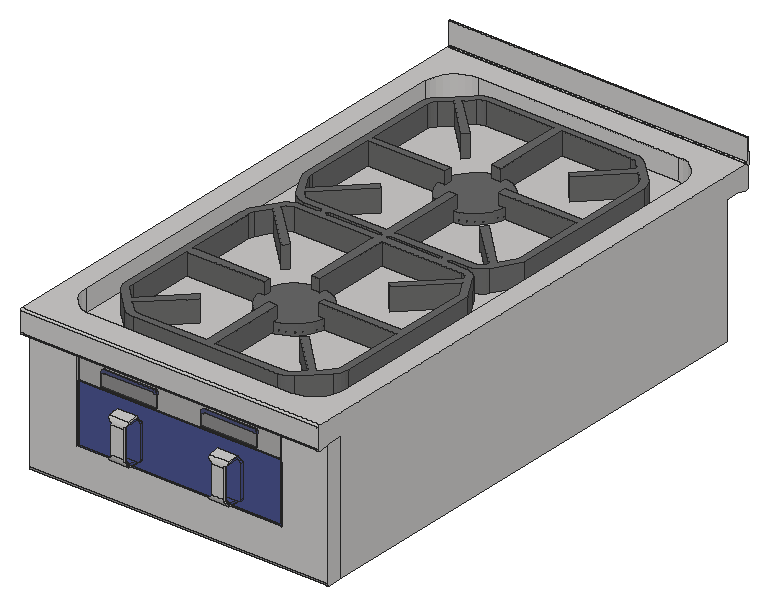
Revit family "QF_ELECTROLUXPROFESSIONAL_593303_MCDBABHOVO", category Specialty Equipment, Revit 2018
Family settings
  Round Connector Dimension = Use Diameter
  Part Type = Normal
  Work Plane-Based = No
  Always vertical = Yes
  Cut with Voids When Loaded = No
  Shared = No
  Room Calculation Point = No
Parameters (values of type "Standard")
  Weight = 115.00 kg
  Watts = 0 W
  Volts = 0 V
  URL Manufacturer = "http://professional.electrolux.com"
  URL = "http://professional.electrolux.com"
  Steam Supply Size = 0"
  Steam Supply Minimum Pressure = 0.00 psi
  Steam Supply Maximum Pressure = 0.00 psi
  Steam Pounds per Hour = 0
  Refrigeration Suction Line Size = 0 mm
  Refrigeration Liquid Line Size = 0 mm
  Refrigerant Compressor Remote = yes
  Phase = 0
  Model = "MCDBABHOVO"
  Manufacturer = "Electrolux Professional"
  Length Actual = 800 mm  # constant formula
  Item Number = "593303"
  Hot Water Size = 0"
  Height Actual = 250 mm  # constant formula
  HP = "0 HP"
  Gas Size = 1/2"
  Gas KW = 19
  Gas Input Pressure = 1.55329 Btu/h
  Direct Waste Size = 0"
  Description = "GAS CHARGRILL,TOWNGAS,1S,BS,800X900X250H"
  Depth Actual = 900 mm  # constant formula
  Cycle = 0 Hz
  Condensate Return Size = 0"
  Compressed Air Volume = 0 GPM
  Compressed Air Size = 0"
  Compressed Air Pressure = 0.00 psi
  Cold Water Size = 0"
  Accessory = yes
Reference planes
  plane 1 "BACK": y = 0
  plane 2: z = 0
  plane 3 "LEFT": x = 0
  plane 4 "RIGHT": x = 500
  plane 5 "FRONT": y = -900
  plane 6 "TOP": z = 250
  plane 7: x = 250
  plane 8: y = -450
  plane 9: z = 288.006
  plane 10: x = 465
  plane 11: y = -60.425
Forms (mm)
  Extrusion 1, solid, material "QF_Finishes_Stainless Steel"
    sketch origin (0, -487.128, 0) x (0, 1, 0) y (0, 0, 1)
      loop
        line (483.128, 250) -> (-408.872, 250)
        arc (-408.872, 250) -> (-411.7, 248.828) -> (-412.872, 246) r 4
        line (-412.872, 246) -> (-412.872, 214)
        arc (-412.872, 214) -> (-411.437, 210.931) -> (-408.161, 210.064) r 4
        line (-408.161, 210.064) -> (-392.872, 213) -> (-367.872, 213) -> (-367.872, 0) -> (441.714, 0) -> (441.714, 213) -> (465.765, 213) -> (482.433, 210.061)
        arc (482.433, 210.061) -> (485.699, 210.936) -> (487.128, 214) r 4
        line (487.128, 214) -> (487.128, 246)
        arc (487.128, 246) -> (485.956, 248.828) -> (483.128, 250) r 4
    from 0 to 500
  Extrusion 2, void
    sketch origin (653.786, 44.048, 250) x (1, 0, 0) y (0, -1, 0)
      loop
        line (-570.234, 89.462) -> (-235.321, 89.462)
        arc (-235.321, 89.462) -> (-200.694, 103.805) -> (-186.351, 138.432) r 48.97
        line (-186.351, 138.432) -> (-186.351, 850.078)
        arc (-186.351, 850.078) -> (-200.694, 884.705) -> (-235.321, 899.048) r 48.97
        line (-235.321, 899.048) -> (-570.234, 899.048)
        arc (-570.234, 899.048) -> (-605.59, 884.403) -> (-620.234, 849.048) r 50
        line (-620.234, 849.048) -> (-620.234, 139.462)
        arc (-620.234, 139.462) -> (-605.59, 104.107) -> (-570.234, 89.462) r 50
    from 0 to 37
  Extrusion 3, solid, material "QF_Finishes_Stainless Steel"
    sketch origin (10, -759, 0) x (1, 0, 0) y (0, -1, 0)
      loop
        circle (455, -169) r 6.35
    from 0 to 3.2
  Extrusion 4, solid, material "QF_Finishes_Stainless Steel"
    sketch origin (0, -950.048, 0) x (0, -1, 0) y (0, 0, -1)
      loop
        arc (-948.097, -252.006) -> (-947.511, -250.592) -> (-946.097, -250.006) r 2
        arc (-946.097, -250.006) -> (-948.877, -248.828) -> (-950.048, -246) r 4
        line (-950.048, -246) -> (-950.048, -288.006) -> (-948.097, -288.006) -> (-948.097, -252.006)
    from 0 to 500
Cuts and joins
  Extrusion 2 cuts Extrusion 1
Lines and regions (mm)
  symbolic lines
    curve 1: line (0, 0, 0) -> (500, 0, 0)
    curve 2: line (0, -900, 0) -> (0, 0, 0)
    curve 3: line (500, -900, 0) -> (0, -900, 0)
    curve 4: line (500, 0, 0) -> (500, -900, 0)
    curve 5: arc (83.552, -855, 0) -> (48.197, -840.355, 0) -> (33.552, -805, 0) r 50
    curve 6: line (33.552, -805, 0) -> (33.552, -95.414, 0)
    curve 7: arc (33.552, -95.414, 0) -> (48.197, -60.059, 0) -> (83.552, -45.414, 0) r 50
    curve 8: line (83.552, -45.414, 0) -> (418.465, -45.414, 0)
    curve 9: arc (418.465, -45.414, 0) -> (453.092, -59.757, 0) -> (467.435, -94.384, 0) r 48.97
    curve 10: line (467.435, -94.384, 0) -> (467.435, -806.03, 0)
    curve 11: arc (467.435, -806.03, 0) -> (453.092, -840.657, 0) -> (418.465, -855, 0) r 48.97
    curve 12: line (418.465, -855, 0) -> (83.552, -855, 0)
    curve 13: line (0, -1.951, 0) -> (500, -1.951, 0)
Dimensions and locks
  plane 3 "LEFT" to plane 4 "RIGHT" = 500 mm
  plane 5 "FRONT" to plane 1 "BACK" = 900 mm
  equal spacing: plane 3 "LEFT", plane 7, plane 4 "RIGHT"
  equal spacing: plane 5 "FRONT", plane 8, plane 1 "BACK"
  plane 6 "TOP" to level = 250 mm  (x2)
  plane 1 "BACK" to plane 5 "FRONT" = 900 mm
  Extrusion 3 sketch curve to plane 1 "BACK" = 590 mm
  Extrusion 3 sketch curve to plane 4 "RIGHT" = 35 mm
  plane 1 "BACK" to Extrusion 3 = 590 mm
  plane 10 to plane 4 "RIGHT" = 35 mm
  plane 9 to plane 6 "TOP" = 38.006 mm
  plane 9 to level = 288.006 mm
  aligned and locked: level to plane 2
  aligned and locked: plane 7 to nested 1
  aligned and locked: Extrusion 1 to plane 4 "RIGHT"
  aligned and locked: Extrusion 4 to plane 4 "RIGHT"
Automatic sketch dimensions
  Extrusion 1 sketch curve to plane 5 "FRONT" = 0 mm
  Extrusion 1 sketch curve to plane 6 "TOP" = 0 mm
  Extrusion 1 sketch curve to level = 0 mm
  Extrusion 1 sketch curve to plane 1 "BACK" = 0 mm
  Extrusion 1 sketch curve to plane 6 "TOP" = 37 mm  (x2)
  Extrusion 1 sketch curve to plane 5 "FRONT" = 4 mm
  Extrusion 1 sketch curve to plane 5 "FRONT" = 20 mm
  Extrusion 1 sketch curve to plane 5 "FRONT" = 45 mm
  plane 1 "BACK" to Extrusion 1 sketch curve = 21.363 mm
  plane 1 "BACK" to Extrusion 1 sketch curve = 4 mm  (x2)
  Extrusion 1 sketch curve to Extrusion 1 sketch curve = 4 mm
  Extrusion 1 sketch curve to Extrusion 1 sketch curve = 0.711 mm
  plane 1 "BACK" to Extrusion 1 sketch curve = 4.695 mm
  Extrusion 1 sketch curve to Extrusion 1 sketch curve = 0 mm  (x2)
  Extrusion 1 sketch curve to Extrusion 1 sketch curve = 1 mm  (x2)
  plane 1 "BACK" to Extrusion 1 sketch curve = 45.414 mm
  Extrusion 4 sketch curve to plane 1 "BACK" = 0 mm  (x2)
  Extrusion 4 sketch curve to plane 6 "TOP" = 2.006 mm
  Extrusion 4 sketch curve to plane 6 "TOP" = 0 mm
  Extrusion 4 sketch curve to Extrusion 4 sketch curve = 1.951 mm
  Extrusion 4 sketch curve to Extrusion 4 sketch curve = 2 mm
  Extrusion 4 sketch curve to Extrusion 4 sketch curve = 0.049 mm
  Extrusion 4 sketch curve to Extrusion 4 sketch curve = 36 mm
  Extrusion 4 sketch curve to Extrusion 4 sketch curve = 0 mm
  plane 1 "BACK" to curve 1 = 0 mm
  curve 1 to plane 4 "RIGHT" = 0 mm
  curve 2 to plane 3 "LEFT" = 0 mm
  plane 5 "FRONT" to curve 3 = 0 mm
  curve 13 to plane 3 "LEFT" = 0 mm
  curve 10 to plane 10 = 2.435 mm
  plane 10 to curve 12 = 46.535 mm
  plane 11 to curve 8 = 15.012 mm
  plane 10 to curve 8 = 46.535 mm
  plane 3 "LEFT" to curve 12 = 83.552 mm
  plane 3 "LEFT" to curve 8 = 83.552 mm
  plane 3 "LEFT" to curve 6 = 33.552 mm
  curve 6 to plane 5 "FRONT" = 95 mm
  plane 1 "BACK" to curve 13 = 1.951 mm
  Extrusion 1 to Extrusion 2 sketch curve = 33.552 mm
  Extrusion 1 to Extrusion 2 sketch curve = 41 mm
  Extrusion 1 to Extrusion 2 sketch curve = 41.414 mm
  Extrusion 2 sketch curve to Extrusion 2 sketch curve = 50 mm  (x2)
  Extrusion 1 to Extrusion 2 sketch curve = 81.535 mm  (x2)
  Extrusion 1 to Extrusion 2 sketch curve = 32.565 mm
  radius of Extrusion 3 sketch curve = 6.35 mm
Nested families
  nested 1: "EG_900_500_Double Range Control Handle Front Panel" at (202.376, -855, -650), type "EG_900_500_Double Range Control Handle Front Panel"
  nested 2: "OBT_900_Open Burner" at (250, -450.207, -649.319), type "OBT_900_Open Burner"
Connectors
  piping at (465, -590, -3.2), diameter 12.8
    settings: on Extrusion 3, index 1, connector inside diameter 0.50394", connector length 0 mm, flow factor 0, pipe flow 0 GPM, pressure drop 0.00 psi, fitting loss kfactor 0, connector angle 0.00°, fixture units 0, engagement length 0 mm, angle of deflection 0.00°, flow configuration 1, flow direction 1, fitting loss method 0, system type 7, joint type 0, gender type 0, connector reference index -1, connector utility 0, adjustable connector no, is connector primary yes, connector description "GAS CONNECTION"
Definition of nested family "EG_900_500_Double Range Control Handle Front Panel"
  Reference planes
    plane 1 "Center (Front/Back)": y = 0
    plane 2: z = 0
    plane 3 "Center (Left/Right)": x = 47.624
    plane 4: x = -202.376
    plane 5: x = 297.624
    plane 6: y = -45
  Forms (mm)
    Extrusion 1, solid
      sketch origin (833.217, 829.203, -1.25) x (0, 1, 0) y (0, 0, 1)
        loop
          arc (-854.203, 654.25) -> (-853.324, 652.129) -> (-851.203, 651.25) r 3
          line (-851.203, 651.25) -> (-829.203, 651.25) -> (-829.203, 864.25) -> (-854.203, 864.25) -> (-854.203, 654.25)
      from -1035.593 to -535.593
    Extrusion 2, void
      sketch origin (33.217, 829.203, -1.25) x (1, 0, 0) y (0, 0, 1)
        loop
          line (-157.593, 855.116) -> (-157.593, 713.116) -> (186.407, 713.116) -> (186.407, 855.116) -> (-157.593, 855.116)
      from 848.59 to 854.203
  Cuts and joins
    Extrusion 2 cuts Extrusion 1
  Dimensions and locks
    equal spacing: plane 5, plane 3 "Center (Left/Right)", plane 4
    plane 5 to plane 4 = 500 mm
    equal spacing: nested 3, nested 2, nested 1
    aligned and locked: cut or joined group of Extrusion 1, Extrusion 2 to plane 4
    aligned and locked: plane 5 to cut or joined group of Extrusion 1, Extrusion 2
    aligned and locked: plane 3 "Center (Left/Right)" to nested 2
    aligned and locked: cut or joined group of Extrusion 1, Extrusion 2 to nested 2
  Automatic sketch dimensions
    Extrusion 1 sketch curve to plane 1 "Center (Front/Back)" = 0 mm
    plane 1 "Center (Front/Back)" to Extrusion 1 sketch curve = 22 mm
    Extrusion 1 sketch curve to Extrusion 1 sketch curve = 3 mm
    level to Extrusion 1 sketch curve = 650 mm
    Extrusion 1 sketch curve to Extrusion 1 sketch curve = 210 mm
    plane 4 to Extrusion 2 sketch curve = 78 mm
    Extrusion 2 sketch curve to plane 5 = 78 mm
    level to Extrusion 2 sketch curve = 711.866 mm
    Extrusion 2 sketch curve to Extrusion 2 sketch curve = 142 mm
  Nested families
    nested 1: "Range Control Handle" at (-36.126, -28.137, -209.113) x (-1, 0, 0) z (0, 0, 1), type "Range Control Handle"
    nested 2: "glass conrol panel" at (47.624, 280.644, 2.752), type "glass conrol panel"
    nested 3: "Range Control Handle" at (131.374, -28.137, -209.113), type "Range Control Handle"
  Definition of nested family "Range Control Handle"
    Reference planes
      plane 1 "Center (Front/Back)": y = 0
      plane 2: z = 0
      plane 3 "Center (Left/Right)": x = 0
      plane 4: z = 971.092
      plane 5: y = -16.9
    Forms (mm)
      Extrusion 1, solid
        sketch origin (-746.28, 380.497, 208.931) x (-1, 0, 0) y (0, 0, 1)
          loop
            line (-770.101, 786.798) -> (-770.101, 731.649)
            arc (-770.101, 731.649) -> (-769.759, 730.563) -> (-768.855, 729.87) r 1.893
            line (-768.855, 729.87) -> (-763.474, 727.911) -> (-729.81, 727.911) -> (-724.428, 729.87)
            arc (-724.428, 729.87) -> (-723.525, 730.563) -> (-723.183, 731.649) r 1.893
            line (-723.183, 731.649) -> (-723.183, 786.798)
            arc (-723.183, 786.798) -> (-723.529, 787.894) -> (-724.44, 788.593) r 1.91
            line (-724.44, 788.593) -> (-729.683, 790.819) -> (-763.601, 790.819) -> (-768.844, 788.593)
            arc (-768.844, 788.593) -> (-769.755, 787.894) -> (-770.101, 786.798) r 1.91
        from -382.35 to -378.852
      Sweep 2, solid
        path origin (-746.788, 380.496, 208.091) x (0, -1, 0) y (0, 0, 1)
          loop
            line (379.775, 793.281) -> (395.661, 791.048)
            arc (395.661, 791.048) -> (397.781, 787.377) -> (398.517, 783.202) r 12.207
            line (398.517, 783.202) -> (398.517, 737.368)
            arc (398.517, 737.368) -> (397.781, 733.193) -> (395.661, 729.522) r 12.207
            line (395.661, 729.522) -> (379.775, 727.289)
        profile origin (-746.788, -7.222, 1000.256) x (0, -0.139173, 0.990268) y (-1, 0, 0)
          loop
            line (0.782, -763.123) -> (0.782, -730.907) -> (-1.322, -730.907) -> (-1.322, -763.123) -> (0.782, -763.123)
      Sweep 3, solid
        path origin (-746.788, 380.715, 207.832) x (0, -1, 0) y (0, 0, 1)
          loop
            line (380.478, 795.442) -> (397.218, 793.09)
            arc (397.218, 793.09) -> (399.929, 788.473) -> (400.871, 783.202) r 15.207
            line (400.871, 783.202) -> (400.871, 737.584)
            arc (400.871, 737.584) -> (399.914, 732.274) -> (397.164, 727.633) r 15.207
            line (397.164, 727.633) -> (380.601, 725.305)
        profile origin (-746.788, -8.132, 1002.099) x (0, -0.139173, 0.990268) y (-1, 0, 0)
          loop
            line (0.782, -763.123) -> (0.782, -730.907) -> (-1.322, -730.907) -> (-1.322, -763.123) -> (0.782, -763.123)
      Extrusion 4, void
        sketch origin (889.253, 220.666, 207.993) x (1, 0, 0) y (0, 0, 1)
          loop
            line (-943.038, 816.854) -> (-943.038, 703.686) -> (-899.466, 734.196) -> (-899.466, 786.344) -> (-943.038, 816.854)
        from 230.636 to 242.25
      Extrusion 5, void
        sketch origin (-888.8, 220.666, 207.993) x (-1, 0, 0) y (0, 0, -1)
          loop
            line (-943.038, -816.854) -> (-899.466, -786.344) -> (-899.466, -734.196) -> (-943.038, -703.686) -> (-943.038, -816.854)
        from 230.636 to 242.25
      Extrusion 6, solid
        sketch origin (0, 0, 0) x (1, 0, 0) y (0, 0, 1)
          loop
            circle (0, 971.092) r 7.736
        from -3.137 to -1.645
    Cuts and joins
      Extrusion 4, Extrusion 5 cuts Sweep 3
      Extrusion 4, Extrusion 5 cuts Sweep 2
      joined: Extrusion 1, Extrusion 6
    Lines and regions (mm)
      symbolic lines
        curve 1: line (16.334, -16.9, 0) -> (16.334, -19.227, 0)
        curve 2: spline (16.334, -19.227, 0) -> (15.87, -19.385, 0) -> (15.404, -19.536, 0) -> (14.936, -19.678, 0) -> (14.466, -19.813, 0) -> (13.995, -19.94, 0) -> (13.523, -20.059, 0) -> (13.049, -20.171, 0) -> (12.575, -20.274, 0) -> (12.099, -20.37, 0) -> (11.622, -20.458, 0) -> (11.144, -20.537, 0) -> (10.666, -20.609, 0)
        curve 3: line (10.666, -16.9, 0) -> (10.666, -20.938, 0)
        curve 4: line (-10.213, -20.938, 0) -> (10.666, -20.938, 0)
        curve 5: line (-10.213, -20.938, 0) -> (-10.213, -16.9, 0)
        curve 6: spline (-10.213, -20.609, 0) -> (-10.691, -20.537, 0) -> (-11.169, -20.458, 0) -> (-11.646, -20.37, 0) -> (-12.122, -20.274, 0) -> (-12.597, -20.171, 0) -> (-13.07, -20.059, 0) -> (-13.542, -19.94, 0) -> (-14.013, -19.813, 0) -> (-14.483, -19.678, 0) -> (-14.951, -19.536, 0) -> (-15.417, -19.385, 0) -> (-15.881, -19.227, 0)
        curve 7: line (-15.881, -19.227, 0) -> (-15.881, -16.9, 0)
  Definition of nested family "glass conrol panel"
    Reference planes
      plane 1 "Center (Front/Back)": y = 0
      plane 2: z = 0
      plane 3 "Center (Left/Right)": x = 0
    Forms (mm)
      Extrusion 1, solid
        sketch origin (378.286, 0, 0.617) x (1, 0, 0) y (0, 0, 1)
          loop
            line (-550.286, 806.791) -> (-550.286, 708.497) -> (-206.286, 708.497) -> (-206.286, 806.791) -> (-550.286, 806.791)
        from 300.031 to 304.8
      Extrusion 2, solid
        sketch origin (378.286, 0, 0.617) x (1, 0, 0) y (0, 0, 1)
          loop
            line (-550.286, 850.497) -> (-550.286, 806.791) -> (-206.286, 806.791) -> (-206.286, 850.497) -> (-550.286, 850.497)
        from 300.031 to 304.8
      Extrusion 3, void
        sketch origin (378.286, 0, 0.617) x (1, 0, 0) y (0, 0, 1)
          loop
            line (-547.628, 847.565) -> (-547.628, 710.699) -> (-209.196, 710.699) -> (-209.196, 847.565) -> (-547.628, 847.565)
        from 303.697 to 304.8
      Extrusion 4, solid
        sketch origin (-392.059, 1.101, -0.633) x (-1, 0, 0) y (0, 0, -1)
          loop
            line (-261.431, -812.62) -> (-355.186, -812.62) -> (-355.186, -834.177) -> (-350.269, -834.177) -> (-348.469, -835.977) -> (-268.039, -835.977) -> (-266.24, -834.177) -> (-261.431, -834.177) -> (-261.431, -812.62)
        from 304.798 to 306.745
      Extrusion 5, solid
        sketch origin (-392.059, 1.101, -0.633) x (-1, 0, 0) y (0, 0, -1)
          loop
            line (-350.269, -834.177) -> (-355.078, -834.177)
            arc (-355.078, -834.177) -> (-353.942, -838.747) -> (-349.686, -840.763) r 5.5
            line (-349.686, -840.763) -> (-266.98, -840.763)
            arc (-266.98, -840.763) -> (-262.706, -838.752) -> (-261.529, -834.177) r 5.549
            line (-261.529, -834.177) -> (-266.24, -834.177) -> (-268.039, -835.977) -> (-348.469, -835.977) -> (-350.269, -834.177)
        from 304.798 to 306.745
      Extrusion 6, solid
        sketch origin (392.059, 1.101, -0.633) x (1, 0, 0) y (0, 0, 1)
          loop
            line (-261.431, 812.62) -> (-261.431, 834.177) -> (-266.24, 834.177) -> (-268.039, 835.977) -> (-348.469, 835.977) -> (-350.269, 834.177) -> (-355.186, 834.177) -> (-355.186, 812.62) -> (-261.431, 812.62)
        from 304.798 to 306.745
      Extrusion 7, solid
        sketch origin (392.059, 1.101, -0.633) x (1, 0, 0) y (0, 0, 1)
          loop
            line (-350.269, 834.177) -> (-348.469, 835.977) -> (-268.039, 835.977) -> (-266.24, 834.177) -> (-261.529, 834.177)
            arc (-261.529, 834.177) -> (-262.706, 838.752) -> (-266.98, 840.763) r 5.549
            line (-266.98, 840.763) -> (-349.686, 840.763)
            arc (-349.686, 840.763) -> (-353.942, 838.747) -> (-355.078, 834.177) r 5.5
            line (-355.078, 834.177) -> (-350.269, 834.177)
        from 304.798 to 306.745
    Cuts and joins
      Extrusion 3 cuts Extrusion 1
      Extrusion 3 cuts Extrusion 2
    Dimensions and locks
      aligned and locked: Extrusion 1 to Extrusion 2
      aligned and locked: Extrusion 5 sketch curve to Extrusion 4  (x5)
      aligned and locked: Extrusion 5 to Extrusion 4
      aligned and locked: Extrusion 7 sketch curve to Extrusion 6  (x4)
      aligned and locked: Extrusion 6 to Extrusion 7 sketch curve
      aligned and locked: Extrusion 7 to Extrusion 6
Definition of nested family "OBT_900_Open Burner"
  Reference planes
    plane 1 "Center (Front/Back)": y = 0
    plane 2: z = 0
    plane 3 "Center (Left/Right)": x = 0
    plane 4: x = -186.448
    plane 5: x = 187.435
    plane 6: y = 374.793
    plane 7: y = -374.793
    plane 8: y = -188.326
  Forms (mm)
    Extrusion 1, solid
      sketch origin (2130.573, 56.896, -679.622) x (1, 0, 0) y (0, 1, 0)
        loop
          line (-2137.44, 306.49) -> (-2250.793, 306.49)
          arc (-2250.793, 306.49) -> (-2257.908, 305.075) -> (-2263.94, 301.044) r 18.593
          line (-2263.94, 301.044) -> (-2276.233, 288.751) -> (-2213.48, 225.998) -> (-2221.6, 217.877) -> (-2284.354, 280.631) -> (-2300.33, 264.654)
          arc (-2300.33, 264.654) -> (-2304.433, 258.337) -> (-2305.614, 250.897) r 18.125
          line (-2305.614, 250.897) -> (-2305.614, 138.422) -> (-2175.79, 138.422) -> (-2175.79, 126.938) -> (-2305.614, 126.938) -> (-2305.614, 10.897)
          arc (-2305.614, 10.897) -> (-2304.981, 6.085) -> (-2303.123, 1.601) r 18.593
          line (-2303.123, 1.601) -> (-2290.078, -20.994) -> (-2221.6, 47.483) -> (-2213.48, 39.363) -> (-2284.012, -31.169)
          arc (-2284.012, -31.169) -> (-2278.546, -38.527) -> (-2270.23, -42.379) r 18.593
          line (-2270.23, -42.379) -> (-2137.44, -42.379) -> (-2137.44, 87.464) -> (-2123.707, 87.464) -> (-2123.707, -42.379) -> (-1989.813, -42.379)
          arc (-1989.813, -42.379) -> (-1981.496, -38.527) -> (-1976.031, -31.169) r 18.593
          line (-1976.031, -31.169) -> (-2047.115, 39.915) -> (-2038.994, 48.035) -> (-1969.962, -20.997) -> (-1954.428, 5.916) -> (-1954.428, 126.938) -> (-2085.357, 126.938) -> (-2085.357, 138.422) -> (-1954.428, 138.422) -> (-1954.428, 247.888)
          arc (-1954.428, 247.888) -> (-1956.538, 258.496) -> (-1962.547, 267.489) r 27.72
          line (-1962.547, 267.489) -> (-1975.689, 280.631) -> (-2038.994, 217.325) -> (-2047.115, 225.446) -> (-1983.809, 288.751) -> (-1996.102, 301.044)
          arc (-1996.102, 301.044) -> (-2002.134, 305.075) -> (-2009.25, 306.49) r 18.593
          line (-2009.25, 306.49) -> (-2123.707, 306.49) -> (-2123.707, 177.897) -> (-2137.44, 177.897) -> (-2137.44, 306.49)
        loop
          arc (-2317.021, 10.897) -> (-2315.999, 3.132) -> (-2313.002, -4.103) r 30
          line (-2313.002, -4.103) -> (-2292.795, -39.103)
          arc (-2292.795, -39.103) -> (-2281.814, -50.084) -> (-2266.814, -54.103) r 30
          line (-2266.814, -54.103) -> (-2239.287, -54.103)
          arc (-2239.287, -54.103) -> (-2238.243, -56) -> (-2236.272, -56.896) r 3.438
          arc (-2236.272, -56.896) -> (-2238.243, -57.792) -> (-2239.287, -59.689) r 3.438
          line (-2239.287, -59.689) -> (-2266.814, -59.689)
          arc (-2266.814, -59.689) -> (-2281.814, -63.708) -> (-2292.795, -74.689) r 30
          line (-2292.795, -74.689) -> (-2313.002, -109.689)
          arc (-2313.002, -109.689) -> (-2315.999, -116.924) -> (-2317.021, -124.689) r 30
          line (-2317.021, -124.689) -> (-2317.021, -365.461)
          arc (-2317.021, -365.461) -> (-2314.738, -376.941) -> (-2308.234, -386.674) r 30
          line (-2308.234, -386.674) -> (-2271.975, -422.933)
          arc (-2271.975, -422.933) -> (-2262.253, -429.414) -> (-2250.793, -431.689) r 30
          line (-2250.793, -431.689) -> (-2009.25, -431.689)
          arc (-2009.25, -431.689) -> (-1997.786, -429.412) -> (-1988.062, -422.928) r 30
          line (-1988.062, -422.928) -> (-1951.808, -386.674)
          arc (-1951.808, -386.674) -> (-1945.305, -376.941) -> (-1942.982, -365.461) r 30
          line (-1942.982, -365.461) -> (-1942.982, -116.719) -> (-1967.248, -74.689)
          arc (-1967.248, -74.689) -> (-1978.229, -63.708) -> (-1993.229, -59.689) r 30
          line (-1993.229, -59.689) -> (-2020.319, -59.689)
          arc (-2020.319, -59.689) -> (-2021.979, -57.759) -> (-2024.375, -56.896) r 5
          arc (-2024.375, -56.896) -> (-2021.979, -56.033) -> (-2020.319, -54.103) r 5
          line (-2020.319, -54.103) -> (-1993.229, -54.103)
          arc (-1993.229, -54.103) -> (-1978.229, -50.084) -> (-1967.248, -39.103) r 30
          line (-1967.248, -39.103) -> (-1943.138, 2.656) -> (-1943.138, 254.314)
          arc (-1943.138, 254.314) -> (-1945.839, 264.361) -> (-1951.808, 272.882) r 30
          line (-1951.808, 272.882) -> (-1988.062, 309.136)
          arc (-1988.062, 309.136) -> (-1997.786, 315.62) -> (-2009.25, 317.897) r 30
          line (-2009.25, 317.897) -> (-2250.793, 317.897)
          arc (-2250.793, 317.897) -> (-2262.253, 315.622) -> (-2271.975, 309.141) r 30
          line (-2271.975, 309.141) -> (-2308.234, 272.882)
          arc (-2308.234, 272.882) -> (-2314.738, 263.149) -> (-2317.021, 251.669) r 30
          line (-2317.021, 251.669) -> (-2317.021, 10.897)
        loop
          arc (-2122.397, -54.103) -> (-2124.057, -56.033) -> (-2126.452, -56.896) r 5
          arc (-2126.452, -56.896) -> (-2124.057, -57.759) -> (-2122.397, -59.689) r 5
          line (-2122.397, -59.689) -> (-2035.829, -59.689)
          arc (-2035.829, -59.689) -> (-2034.784, -57.792) -> (-2032.813, -56.896) r 3.438
          arc (-2032.813, -56.896) -> (-2034.784, -56) -> (-2035.829, -54.103) r 3.438
          line (-2035.829, -54.103) -> (-2122.397, -54.103)
        loop
          arc (-2223.778, -54.103) -> (-2225.438, -56.033) -> (-2227.833, -56.896) r 5
          arc (-2227.833, -56.896) -> (-2225.438, -57.759) -> (-2223.778, -59.689) r 5
          line (-2223.778, -59.689) -> (-2137.906, -59.689)
          arc (-2137.906, -59.689) -> (-2136.862, -57.792) -> (-2134.891, -56.896) r 3.438
          arc (-2134.891, -56.896) -> (-2136.862, -56) -> (-2137.906, -54.103) r 3.438
          line (-2137.906, -54.103) -> (-2223.778, -54.103)
        loop
          line (-2137.44, -420.282) -> (-2137.44, -290.439) -> (-2123.707, -290.439) -> (-2123.707, -420.282) -> (-2009.25, -420.282)
          arc (-2009.25, -420.282) -> (-2002.134, -418.867) -> (-1996.102, -414.836) r 18.593
          line (-1996.102, -414.836) -> (-1983.184, -401.918) -> (-2047.115, -337.988) -> (-2038.994, -329.867) -> (-1975.064, -393.798) -> (-1962.547, -381.281)
          arc (-1962.547, -381.281) -> (-1956.538, -372.288) -> (-1954.428, -361.68) r 27.72
          line (-1954.428, -361.68) -> (-1954.428, -250.964) -> (-2085.357, -250.964) -> (-2085.357, -239.48) -> (-1954.428, -239.48) -> (-1954.428, -119.708) -> (-1970.42, -92.003) -> (-2038.994, -160.577) -> (-2047.115, -152.457) -> (-1976.413, -81.755)
          arc (-1976.413, -81.755) -> (-1981.868, -74.971) -> (-1989.813, -71.413) r 18.593
          line (-1989.813, -71.413) -> (-2123.707, -71.413) -> (-2123.707, -200.006) -> (-2137.44, -200.006) -> (-2137.44, -71.413) -> (-2270.23, -71.413)
          arc (-2270.23, -71.413) -> (-2278.175, -74.971) -> (-2283.629, -81.755) r 18.593
          line (-2283.629, -81.755) -> (-2213.48, -151.905) -> (-2221.6, -160.025) -> (-2289.62, -92.005) -> (-2303.123, -115.393)
          arc (-2303.123, -115.393) -> (-2304.981, -119.877) -> (-2305.614, -124.689) r 18.593
          line (-2305.614, -124.689) -> (-2305.614, -239.48) -> (-2175.79, -239.48) -> (-2175.79, -250.964) -> (-2305.614, -250.964) -> (-2305.614, -364.689)
          arc (-2305.614, -364.689) -> (-2304.433, -372.129) -> (-2300.33, -378.446) r 18.125
          line (-2300.33, -378.446) -> (-2284.979, -393.798) -> (-2221.6, -330.419) -> (-2213.48, -338.54) -> (-2276.858, -401.918) -> (-2263.94, -414.836)
          arc (-2263.94, -414.836) -> (-2257.908, -418.867) -> (-2250.793, -420.282) r 18.593
          line (-2250.793, -420.282) -> (-2137.44, -420.282)
      from 1542.072 to 1578.941
    Extrusion 2, solid
      sketch origin (2130.573, 61.122, 0) x (1, 0, 0) y (0, 1, 0)
        loop
          circle (-2130.573, -249.448) r 55
        loop
          circle (-2130.573, 128.455) r 55
      from 862.45 to 879.837
    Extrusion 3, void
      sketch origin (-124.371, -355.785, -22.784) x (-0.587785, -0.809017, 0) y (0, 0, 1)
        loop
          circle (-213.495, 891.283) r 1
      from -67.69 to -35.114
    Extrusion 4, void
      sketch origin (-89.903, -376.417, -22.784) x (-0.422618, -0.906308, 0) y (0, 0, 1)
        loop
          circle (-213.495, 891.283) r 1
      from -74.826 to -35.114
    Extrusion 5, void
      sketch origin (-52.131, -390.093, -22.784) x (-0.241922, -0.970296, 0) y (0, 0, 1)
        loop
          circle (-213.495, 891.283) r 1
      from -67.69 to -35.114
    Extrusion 6, void
      sketch origin (27.702, -394.842, -22.784) x (0.139173, -0.990268, 0) y (0, 0, 1)
        loop
          circle (-213.495, 891.283) r 1
      from -67.69 to -35.114
    Extrusion 7, void
      sketch origin (66.829, -385.74, -22.784) x (0.325568, -0.945519, 0) y (0, 0, 1)
        loop
          circle (-213.495, 891.283) r 1
      from -67.69 to -35.114
    Extrusion 8, void
      sketch origin (103.5, -369.339, -22.784) x (0.5, -0.866025, 0) y (0, 0, 1)
        loop
          circle (-213.495, 891.283) r 1
      from -67.69 to -35.114
    Extrusion 9, void
      sketch origin (136.368, -346.242, -22.784) x (0.656059, -0.75471, 0) y (0, 0, 1)
        loop
          circle (-213.495, 891.283) r 1
      from -67.69 to -35.114
    Extrusion 10, void
      sketch origin (164.225, -317.298, -22.784) x (0.788011, -0.615661, 0) y (0, 0, 1)
        loop
          circle (-213.495, 891.283) r 1
      from -67.69 to -35.114
    Extrusion 11, void
      sketch origin (186.048, -283.571, -22.784) x (0.891007, -0.45399, 0) y (0, 0, 1)
        loop
          circle (-213.495, 891.283) r 1
      from -67.69 to -35.114
    Extrusion 12, void
      sketch origin (201.034, -246.299, -22.784) x (0.961262, -0.275637, 0) y (0, 0, 1)
        loop
          circle (-213.495, 891.283) r 1
      from -67.69 to -35.114
    Extrusion 13, void
      sketch origin (208.566, -166.681, -22.784) x (0.994522, 0.104528, 0) y (0, 0, 1)
        loop
          circle (-213.495, 891.283) r 1
      from -67.69 to -35.114
    Extrusion 14, void
      sketch origin (200.835, -127.26, -22.784) x (0.956305, 0.292372, 0) y (0, 0, 1)
        loop
          circle (-213.495, 891.283) r 1
      from -67.69 to -35.114
    Extrusion 15, void
      sketch origin (185.724, -90.039, -22.784) x (0.882948, 0.469472, 0) y (0, 0, 1)
        loop
          circle (-213.495, 891.283) r 1
      from -67.69 to -35.114
    Extrusion 16, void
      sketch origin (163.788, -56.385, -22.784) x (0.777146, 0.62932, 0) y (0, 0, 1)
        loop
          circle (-213.495, 891.283) r 1
      from -67.69 to -35.114
    Extrusion 17, void
      sketch origin (135.834, -27.534, -22.784) x (0.642788, 0.766044, 0) y (0, 0, 1)
        loop
          circle (-213.495, 891.283) r 1
      from -67.69 to -35.114
    Extrusion 18, void
      sketch origin (102.889, -4.548, -22.784) x (0.48481, 0.87462, 0) y (0, 0, 1)
        loop
          circle (-213.495, 891.283) r 1
      from -67.69 to -35.114
    Extrusion 19, void
      sketch origin (66.163, 11.73, -22.784) x (0.309017, 0.951057, 0) y (0, 0, 1)
        loop
          circle (-213.495, 891.283) r 1
      from -67.69 to -35.114
    Extrusion 20, void
      sketch origin (-52.811, 15.685, -22.784) x (-0.258819, 0.965926, 0) y (0, 0, 1)
        loop
          circle (-213.495, 891.283) r 1
      from -67.69 to -35.114
    Extrusion 21, void
      sketch origin (-90.537, 1.882, -22.784) x (-0.438371, 0.898794, 0) y (0, 0, 1)
        loop
          circle (-213.495, 891.283) r 1
      from -67.69 to -35.114
    Extrusion 22, void
      sketch origin (-124.936, -18.865, -22.784) x (-0.601815, 0.798636, 0) y (0, 0, 1)
        loop
          circle (-213.495, 891.283) r 1
      from -67.69 to -35.114
    Extrusion 23, void
      sketch origin (-154.744, -45.796, -22.784) x (-0.743145, 0.669131, 0) y (0, 0, 1)
        loop
          circle (-213.495, 891.283) r 1
      from -67.69 to -35.114
    Extrusion 24, void
      sketch origin (-178.866, -77.919, -22.784) x (-0.857167, 0.515038, 0) y (0, 0, 1)
        loop
          circle (-213.495, 891.283) r 1
      from -67.69 to -35.114
    Extrusion 25, void
      sketch origin (-196.416, -114.054, -22.784) x (-0.939693, 0.34202, 0) y (0, 0, 1)
        loop
          circle (-213.495, 891.283) r 1
      from -67.69 to -35.114
    Extrusion 26, void
      sketch origin (-204.521, -232.817, -22.784) x (-0.97437, -0.224951, 0) y (0, 0, 1)
        loop
          circle (-213.495, 891.283) r 1
      from -67.69 to -35.114
    Extrusion 27, void
      sketch origin (-192.043, -271.002, -22.784) x (-0.913545, -0.406737, 0) y (0, 0, 1)
        loop
          circle (-213.495, 891.283) r 1
      from -67.69 to -35.114
    Extrusion 28, void
      sketch origin (-172.509, -306.104, -22.784) x (-0.819152, -0.573576, 0) y (0, 0, 1)
        loop
          circle (-213.495, 891.283) r 1
      from -67.69 to -35.114
    Extrusion 29, void
      sketch origin (-146.635, -336.834, -22.784) x (-0.694658, -0.71934, 0) y (0, 0, 1)
        loop
          circle (-213.495, 891.283) r 1
      from -67.69 to -35.114
    Extrusion 30, void
      sketch origin (-124.371, 22.118, -22.784) x (-0.587785, -0.809017, 0) y (0, 0, 1)
        loop
          circle (-213.495, 891.283) r 1
      from -67.69 to -35.114
    Extrusion 31, void
      sketch origin (-89.903, 1.485, -22.784) x (-0.422618, -0.906308, 0) y (0, 0, 1)
        loop
          circle (-213.495, 891.283) r 1
      from -74.826 to -35.114
    Extrusion 32, void
      sketch origin (-52.131, -12.191, -22.784) x (-0.241922, -0.970296, 0) y (0, 0, 1)
        loop
          circle (-213.495, 891.283) r 1
      from -67.69 to -35.114
    Extrusion 33, void
      sketch origin (27.702, -16.939, -22.784) x (0.139173, -0.990268, 0) y (0, 0, 1)
        loop
          circle (-213.495, 891.283) r 1
      from -67.69 to -35.114
    Extrusion 34, void
      sketch origin (66.829, -7.837, -22.784) x (0.325568, -0.945519, 0) y (0, 0, 1)
        loop
          circle (-213.495, 891.283) r 1
      from -67.69 to -35.114
    Extrusion 35, void
      sketch origin (103.5, 8.564, -22.784) x (0.5, -0.866025, 0) y (0, 0, 1)
        loop
          circle (-213.495, 891.283) r 1
      from -67.69 to -35.114
    Extrusion 36, void
      sketch origin (136.368, 31.66, -22.784) x (0.656059, -0.75471, 0) y (0, 0, 1)
        loop
          circle (-213.495, 891.283) r 1
      from -67.69 to -35.114
    Extrusion 37, void
      sketch origin (164.225, 60.604, -22.784) x (0.788011, -0.615661, 0) y (0, 0, 1)
        loop
          circle (-213.495, 891.283) r 1
      from -67.69 to -35.114
    Extrusion 38, void
      sketch origin (186.048, 94.332, -22.784) x (0.891007, -0.45399, 0) y (0, 0, 1)
        loop
          circle (-213.495, 891.283) r 1
      from -67.69 to -35.114
    Extrusion 39, void
      sketch origin (201.034, 131.603, -22.784) x (0.961262, -0.275637, 0) y (0, 0, 1)
        loop
          circle (-213.495, 891.283) r 1
      from -67.69 to -35.114
    Extrusion 40, void
      sketch origin (208.566, 211.222, -22.784) x (0.994522, 0.104528, 0) y (0, 0, 1)
        loop
          circle (-213.495, 891.283) r 1
      from -67.69 to -35.114
    Extrusion 41, void
      sketch origin (200.835, 250.642, -22.784) x (0.956305, 0.292372, 0) y (0, 0, 1)
        loop
          circle (-213.495, 891.283) r 1
      from -67.69 to -35.114
    Extrusion 42, void
      sketch origin (185.724, 287.864, -22.784) x (0.882948, 0.469472, 0) y (0, 0, 1)
        loop
          circle (-213.495, 891.283) r 1
      from -67.69 to -35.114
    Extrusion 43, void
      sketch origin (163.788, 321.518, -22.784) x (0.777146, 0.62932, 0) y (0, 0, 1)
        loop
          circle (-213.495, 891.283) r 1
      from -67.69 to -35.114
    Extrusion 44, void
      sketch origin (135.834, 350.368, -22.784) x (0.642788, 0.766044, 0) y (0, 0, 1)
        loop
          circle (-213.495, 891.283) r 1
      from -67.69 to -35.114
    Extrusion 45, void
      sketch origin (102.889, 373.355, -22.784) x (0.48481, 0.87462, 0) y (0, 0, 1)
        loop
          circle (-213.495, 891.283) r 1
      from -67.69 to -35.114
    Extrusion 46, void
      sketch origin (66.163, 389.633, -22.784) x (0.309017, 0.951057, 0) y (0, 0, 1)
        loop
          circle (-213.495, 891.283) r 1
      from -67.69 to -35.114
    Extrusion 47, void
      sketch origin (-52.811, 393.588, -22.784) x (-0.258819, 0.965926, 0) y (0, 0, 1)
        loop
          circle (-213.495, 891.283) r 1
      from -67.69 to -35.114
    Extrusion 48, void
      sketch origin (-90.537, 379.785, -22.784) x (-0.438371, 0.898794, 0) y (0, 0, 1)
        loop
          circle (-213.495, 891.283) r 1
      from -67.69 to -35.114
    Extrusion 49, void
      sketch origin (-124.936, 359.037, -22.784) x (-0.601815, 0.798636, 0) y (0, 0, 1)
        loop
          circle (-213.495, 891.283) r 1
      from -67.69 to -35.114
    Extrusion 50, void
      sketch origin (-154.744, 332.107, -22.784) x (-0.743145, 0.669131, 0) y (0, 0, 1)
        loop
          circle (-213.495, 891.283) r 1
      from -67.69 to -35.114
    Extrusion 51, void
      sketch origin (-178.866, 299.984, -22.784) x (-0.857167, 0.515038, 0) y (0, 0, 1)
        loop
          circle (-213.495, 891.283) r 1
      from -67.69 to -35.114
    Extrusion 52, void
      sketch origin (-196.416, 263.848, -22.784) x (-0.939693, 0.34202, 0) y (0, 0, 1)
        loop
          circle (-213.495, 891.283) r 1
      from -67.69 to -35.114
    Extrusion 53, void
      sketch origin (-204.521, 145.086, -22.784) x (-0.97437, -0.224951, 0) y (0, 0, 1)
        loop
          circle (-213.495, 891.283) r 1
      from -67.69 to -35.114
    Extrusion 54, void
      sketch origin (-192.043, 106.901, -22.784) x (-0.913545, -0.406737, 0) y (0, 0, 1)
        loop
          circle (-213.495, 891.283) r 1
      from -67.69 to -35.114
    Extrusion 55, void
      sketch origin (-172.509, 71.798, -22.784) x (-0.819152, -0.573576, 0) y (0, 0, 1)
        loop
          circle (-213.495, 891.283) r 1
      from -67.69 to -35.114
    Extrusion 56, void
      sketch origin (-146.635, 41.068, -22.784) x (-0.694658, -0.71934, 0) y (0, 0, 1)
        loop
          circle (-213.495, 891.283) r 1
      from -67.69 to -35.114
  Cuts and joins
    Extrusion 3, Extrusion 4, Extrusion 5, Extrusion 6, Extrusion 7, Extrusion 8, Extrusion 9, Extrusion 10, Extrusion 11, Extrusion 12, Extrusion 13, Extrusion 14, Extrusion 15, Extrusion 16, Extrusion 17, Extrusion 18, Extrusion 19, Extrusion 20, Extrusion 21, Extrusion 22, Extrusion 23, Extrusion 24, Extrusion 25, Extrusion 26, Extrusion 27, Extrusion 28, Extrusion 29, Extrusion 30, Extrusion 31, Extrusion 32, Extrusion 33, Extrusion 34, Extrusion 35, Extrusion 36, Extrusion 37, Extrusion 38, Extrusion 39, Extrusion 40, Extrusion 41, Extrusion 42, Extrusion 43, Extrusion 44, Extrusion 45, Extrusion 46, Extrusion 47, Extrusion 48, Extrusion 49, Extrusion 50, Extrusion 51, Extrusion 52, Extrusion 53, Extrusion 54, Extrusion 55, Extrusion 56 cuts Extrusion 2
    Extrusion 32 cuts Extrusion 1
  Lines and regions (mm)
    symbolic lines
      curve 1: arc (54.699, -182.584, 0) -> (39.289, -149.838, 0) -> (6.867, -133.757, 0) r 55
      curve 2: arc (-54.699, -194.068, 0) -> (-39.289, -226.815, 0) -> (-6.867, -242.896, 0) r 55
      curve 3: line (45.217, -194.068, 0) -> (176.145, -194.068, 0)
      curve 4: line (176.145, -194.068, 0) -> (176.145, -304.784, 0)
      curve 5: arc (176.145, -304.784, 0) -> (174.035, -315.392, 0) -> (168.026, -324.385, 0) r 27.72
      curve 6: line (168.026, -324.385, 0) -> (155.51, -336.902, 0)
      curve 7: line (155.51, -336.902, 0) -> (91.579, -272.971, 0)
      curve 8: line (83.459, -281.092, 0) -> (147.389, -345.022, 0)
      curve 9: line (147.389, -345.022, 0) -> (134.471, -357.94, 0)
      curve 10: arc (134.471, -357.94, 0) -> (128.439, -361.971, 0) -> (121.324, -363.386, 0) r 18.593
      curve 11: line (121.324, -363.386, 0) -> (6.867, -363.386, 0)
      curve 12: line (6.867, -363.386, 0) -> (6.867, -233.543, 0)
      curve 13: line (-6.867, -233.543, 0) -> (-6.867, -363.386, 0)
      curve 14: line (-6.867, -363.386, 0) -> (-120.219, -363.386, 0)
      curve 15: arc (-120.219, -363.386, 0) -> (-127.335, -361.971, 0) -> (-133.367, -357.94, 0) r 18.593
      curve 16: line (-133.367, -357.94, 0) -> (-146.285, -345.022, 0)
      curve 17: line (-146.285, -345.022, 0) -> (-82.906, -281.644, 0)
      curve 18: line (-91.027, -273.523, 0) -> (-154.405, -336.902, 0)
      curve 19: line (-154.405, -336.902, 0) -> (-169.757, -321.55, 0)
      curve 20: arc (-169.757, -321.55, 0) -> (-173.86, -315.233, 0) -> (-175.041, -307.793, 0) r 18.125
      curve 21: line (-175.041, -307.793, 0) -> (-175.041, -194.068, 0)
      curve 22: line (-175.041, -194.068, 0) -> (-45.217, -194.068, 0)
      curve 23: line (-45.217, -182.584, 0) -> (-175.041, -182.584, 0)
      curve 24: line (-175.041, -182.584, 0) -> (-175.041, -67.793, 0)
      curve 25: arc (-175.041, -67.793, 0) -> (-174.407, -62.981, 0) -> (-172.55, -58.497, 0) r 18.593
      curve 26: line (-172.55, -58.497, 0) -> (-159.047, -35.109, 0)
      curve 27: line (-159.047, -35.109, 0) -> (-91.027, -103.129, 0)
      curve 28: line (-82.906, -95.009, 0) -> (-153.056, -24.859, 0)
      curve 29: arc (-153.056, -24.859, 0) -> (-147.601, -18.075, 0) -> (-139.656, -14.517, 0) r 18.593
      curve 30: line (-139.656, -14.517, 0) -> (-6.867, -14.517, 0)
      curve 31: line (-6.867, -14.517, 0) -> (-6.867, -143.11, 0)
      curve 32: line (6.867, -143.11, 0) -> (6.867, -14.517, 0)
      curve 33: line (6.867, -14.517, 0) -> (140.761, -14.517, 0)
      curve 34: arc (140.761, -14.517, 0) -> (148.706, -18.075, 0) -> (154.16, -24.859, 0) r 18.593
      curve 35: line (154.16, -24.859, 0) -> (83.459, -95.561, 0)
      curve 36: line (91.579, -103.681, 0) -> (160.154, -35.107, 0)
      curve 37: line (160.154, -35.107, 0) -> (176.145, -62.812, 0)
      curve 38: line (176.145, -62.812, 0) -> (176.145, -182.584, 0)
      curve 39: line (176.145, -182.584, 0) -> (45.217, -182.584, 0)
      curve 40: line (187.592, -59.823, 0) -> (163.326, -17.793, 0)
      curve 41: arc (163.326, -17.793, 0) -> (152.345, -6.812, 0) -> (137.345, -2.793, 0) r 30
      curve 42: line (137.345, -2.793, 0) -> (110.254, -2.793, 0)
      curve 43: arc (110.254, -2.793, 0) -> (108.594, -0.863, 0) -> (106.199, 0, 0) r 5
      curve 44: arc (106.199, 0, 0) -> (108.594, 0.863, 0) -> (110.254, 2.793, 0) r 5
      curve 45: line (110.254, 2.793, 0) -> (137.345, 2.793, 0)
      curve 46: arc (137.345, 2.793, 0) -> (152.345, 6.812, 0) -> (163.326, 17.793, 0) r 30
      curve 47: line (163.326, 17.793, 0) -> (187.435, 59.552, 0)
      curve 48: line (187.435, 59.552, 0) -> (187.435, 311.21, 0)
      curve 49: arc (187.435, 311.21, 0) -> (184.735, 321.257, 0) -> (178.765, 329.778, 0) r 30
      curve 50: line (178.765, 329.778, 0) -> (142.511, 366.032, 0)
      curve 51: arc (142.511, 366.032, 0) -> (132.788, 372.516, 0) -> (121.324, 374.793, 0) r 30
      curve 52: line (121.324, 374.793, 0) -> (-120.219, 374.793, 0)
      curve 53: arc (-120.219, 374.793, 0) -> (-131.68, 372.518, 0) -> (-141.401, 366.037, 0) r 30
      curve 54: line (-141.401, 366.037, 0) -> (-177.661, 329.778, 0)
      curve 55: arc (-177.661, 329.778, 0) -> (-184.164, 320.045, 0) -> (-186.448, 308.565, 0) r 30
      curve 56: line (-186.448, 308.565, 0) -> (-186.448, 67.793, 0)
      curve 57: arc (-186.448, 67.793, 0) -> (-185.426, 60.028, 0) -> (-182.429, 52.793, 0) r 30
      curve 58: line (-182.429, 52.793, 0) -> (-162.221, 17.793, 0)
      curve 59: arc (-162.221, 17.793, 0) -> (-151.241, 6.812, 0) -> (-136.241, 2.793, 0) r 30
      curve 60: line (-136.241, 2.793, 0) -> (-108.714, 2.793, 0)
      curve 61: arc (-108.714, 2.793, 0) -> (-107.669, 0.896, 0) -> (-105.698, 0, 0) r 3.438
      curve 62: arc (-105.698, 0, 0) -> (-107.669, -0.896, 0) -> (-108.714, -2.793, 0) r 3.438
      curve 63: line (-108.714, -2.793, 0) -> (-136.241, -2.793, 0)
      curve 64: arc (-136.241, -2.793, 0) -> (-151.241, -6.812, 0) -> (-162.221, -17.793, 0) r 30
      curve 65: line (-162.221, -17.793, 0) -> (-182.429, -52.793, 0)
      curve 66: arc (-182.429, -52.793, 0) -> (-185.426, -60.028, 0) -> (-186.448, -67.793, 0) r 30
      curve 67: line (-186.448, -67.793, 0) -> (-186.448, -308.565, 0)
      curve 68: arc (-186.448, -308.565, 0) -> (-184.164, -320.045, 0) -> (-177.661, -329.778, 0) r 30
      curve 69: line (-177.661, -329.778, 0) -> (-141.401, -366.037, 0)
      curve 70: arc (-141.401, -366.037, 0) -> (-131.68, -372.518, 0) -> (-120.219, -374.793, 0) r 30
      curve 71: line (-120.219, -374.793, 0) -> (121.324, -374.793, 0)
      curve 72: arc (121.324, -374.793, 0) -> (132.788, -372.516, 0) -> (142.511, -366.032, 0) r 30
      curve 73: line (142.511, -366.032, 0) -> (178.765, -329.778, 0)
      curve 74: arc (178.765, -329.778, 0) -> (185.269, -320.045, 0) -> (187.552, -308.565, 0) r 30
      curve 75: line (187.592, -308.565, 0) -> (187.592, -59.823, 0)
      curve 76: line (94.745, -2.793, 0) -> (8.177, -2.793, 0)
      curve 77: arc (8.177, -2.793, 0) -> (6.517, -0.863, 0) -> (4.121, 0, 0) r 5
      curve 78: arc (4.121, 0, 0) -> (6.517, 0.863, 0) -> (8.177, 2.793, 0) r 5
      curve 79: line (8.177, 2.793, 0) -> (94.745, 2.793, 0)
      curve 80: arc (94.745, 2.793, 0) -> (95.789, 0.896, 0) -> (97.76, 0, 0) r 3.438
      curve 81: arc (97.76, 0, 0) -> (95.789, -0.896, 0) -> (94.745, -2.793, 0) r 3.438
      curve 82: line (-7.333, -2.793, 0) -> (-93.204, -2.793, 0)
      curve 83: arc (-93.204, -2.793, 0) -> (-94.864, -0.863, 0) -> (-97.26, 0, 0) r 5
      curve 84: arc (-97.26, 0, 0) -> (-94.864, 0.863, 0) -> (-93.204, 2.793, 0) r 5
      curve 85: line (-93.204, 2.793, 0) -> (-7.333, 2.793, 0)
      curve 86: arc (-7.333, 2.793, 0) -> (-6.288, 0.896, 0) -> (-4.317, 0, 0) r 3.438
      curve 87: arc (-4.317, 0, 0) -> (-6.288, -0.896, 0) -> (-7.333, -2.793, 0) r 3.438
      curve 88: line (-6.867, 14.517, 0) -> (-139.656, 14.517, 0)
      curve 89: arc (-139.656, 14.517, 0) -> (-147.973, 18.369, 0) -> (-153.438, 25.727, 0) r 18.593
      curve 90: line (-153.438, 25.727, 0) -> (-82.906, 96.259, 0)
      curve 91: line (-91.027, 104.379, 0) -> (-159.504, 35.902, 0)
      curve 92: line (-159.504, 35.902, 0) -> (-172.55, 58.497, 0)
      curve 93: arc (-172.55, 58.497, 0) -> (-174.407, 62.981, 0) -> (-175.041, 67.793, 0) r 18.593
      curve 94: line (-175.041, 67.793, 0) -> (-175.041, 183.834, 0)
      curve 95: line (-175.041, 183.834, 0) -> (-45.217, 183.834, 0)
      curve 96: line (-45.217, 195.318, 0) -> (-175.041, 195.318, 0)
      curve 97: line (-175.041, 195.318, 0) -> (-175.041, 307.793, 0)
      curve 98: arc (-175.041, 307.793, 0) -> (-173.86, 315.233, 0) -> (-169.757, 321.55, 0) r 18.125
      curve 99: line (-169.757, 321.55, 0) -> (-153.78, 337.527, 0)
      curve 100: line (-153.78, 337.527, 0) -> (-91.027, 274.773, 0)
      curve 101: line (-91.027, 274.773, 0) -> (-82.906, 282.894, 0)
      curve 102: line (-82.906, 282.894, 0) -> (-145.66, 345.647, 0)
      curve 103: line (-145.66, 345.647, 0) -> (-133.367, 357.94, 0)
      curve 104: arc (-133.367, 357.94, 0) -> (-127.335, 361.971, 0) -> (-120.219, 363.386, 0) r 18.593
      curve 105: line (-120.219, 363.386, 0) -> (-6.867, 363.386, 0)
      curve 106: line (-6.867, 363.386, 0) -> (-6.867, 234.793, 0)
      curve 107: line (-6.867, 234.793, 0) -> (6.867, 234.793, 0)
      curve 108: line (6.867, 234.793, 0) -> (6.867, 363.386, 0)
      curve 109: line (6.867, 363.386, 0) -> (121.324, 363.386, 0)
      curve 110: arc (121.324, 363.386, 0) -> (128.439, 361.971, 0) -> (134.471, 357.94, 0) r 18.593
      curve 111: line (134.471, 357.94, 0) -> (146.764, 345.647, 0)
      curve 112: line (146.764, 345.647, 0) -> (83.459, 282.342, 0)
      curve 113: line (91.579, 274.221, 0) -> (154.885, 337.527, 0)
      curve 114: line (154.885, 337.527, 0) -> (168.026, 324.385, 0)
      curve 115: arc (168.026, 324.385, 0) -> (174.035, 315.392, 0) -> (176.145, 304.784, 0) r 27.72
      curve 116: line (176.145, 304.784, 0) -> (176.145, 195.318, 0)
      curve 117: line (176.145, 195.318, 0) -> (45.217, 195.318, 0)
      curve 118: line (45.217, 183.834, 0) -> (176.145, 183.834, 0)
      curve 119: line (176.145, 183.834, 0) -> (176.145, 62.812, 0)
      curve 120: line (176.145, 62.812, 0) -> (160.611, 35.899, 0)
      curve 121: line (160.611, 35.899, 0) -> (91.579, 104.931, 0)
      curve 122: line (83.459, 96.811, 0) -> (154.543, 25.727, 0)
      curve 123: arc (154.543, 25.727, 0) -> (149.077, 18.369, 0) -> (140.761, 14.517, 0) r 18.593
      curve 124: line (140.761, 14.517, 0) -> (6.867, 14.517, 0)
      curve 125: line (6.867, 14.517, 0) -> (6.867, 144.36, 0)
      curve 126: line (6.867, 144.36, 0) -> (-6.867, 144.36, 0)
      curve 127: line (-6.867, 144.36, 0) -> (-6.867, 14.517, 0)
      curve 128: arc (-54.699, 183.834, 0) -> (-39.289, 151.088, 0) -> (-6.867, 135.007, 0) r 55
      curve 129: arc (54.699, 195.318, 0) -> (39.289, 228.065, 0) -> (6.867, 244.146, 0) r 55
      curve 130: arc (-6.867, 244.146, 0) -> (-39.289, 228.065, 0) -> (-54.699, 195.318, 0) r 55
      curve 131: arc (6.867, 135.007, 0) -> (39.289, 151.088, 0) -> (54.699, 183.834, 0) r 55
      curve 132: arc (-6.867, -133.757, 0) -> (-39.289, -149.838, 0) -> (-54.699, -182.584, 0) r 55
      curve 133: arc (6.867, -242.896, 0) -> (39.289, -226.815, 0) -> (54.699, -194.068, 0) r 55
      curve 134: line (-45.217, 183.834, 0) -> (-45.217, 195.318, 0)
      curve 135: line (45.217, 195.318, 0) -> (45.217, 183.834, 0)
      curve 136: line (91.579, 274.221, 0) -> (83.459, 282.342, 0)
      curve 137: line (-91.027, 104.379, 0) -> (-82.906, 96.259, 0)
      curve 138: line (91.579, 104.931, 0) -> (83.459, 96.811, 0)
      curve 139: line (-91.027, -103.129, 0) -> (-82.906, -95.009, 0)
      curve 140: line (83.459, -95.561, 0) -> (91.579, -103.681, 0)
      curve 141: line (45.217, -182.584, 0) -> (45.217, -194.068, 0)
      curve 142: line (-6.867, -143.11, 0) -> (6.867, -143.11, 0)
      curve 143: line (-45.217, -194.068, 0) -> (-45.217, -182.584, 0)
      curve 144: line (6.867, -233.543, 0) -> (-6.867, -233.543, 0)
      curve 145: line (91.579, -272.971, 0) -> (83.459, -281.092, 0)
      curve 146: line (-82.906, -281.644, 0) -> (-91.027, -273.523, 0)
  Dimensions and locks
    plane 5 to plane 4 = 373.883 mm
    equal spacing: Extrusion 1 sketch curve, plane 3 "Center (Left/Right)", Extrusion 1 sketch curve
